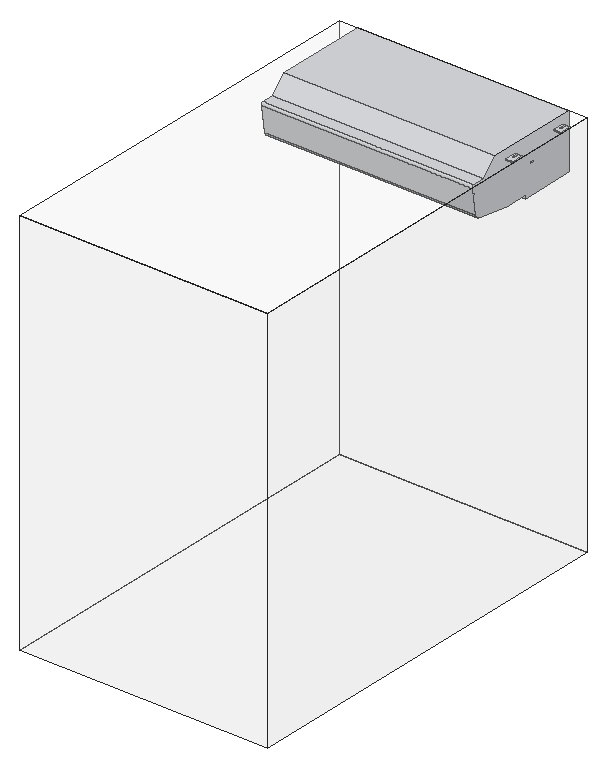
Revit family "pc-rp80_140ha17_50Hz", category 機械設備, Revit 2019
Family settings
  丸型コネクタ寸法 = 直径を使用
  パーツ タイプ = 標準
  OmniClass 番号 = 23.75.10.24.21.27.27
  OmniClass タイトル = Split System Air Conditioning Units
  作業面ベース = いいえ
  常に垂直 = はい
  ロード時にボイドで切り取り = いいえ
  共有 = いいえ
  部屋計算ポイント = はい
Parameters (values of type "厨房天吊_PC-RP80HA17")
  風量_強 (m3/min) = 17
  風量_弱 (m3/min) = 15
  風量 = MAX風量  # 1020.0 m³/h
  音響パワーレベル（弱）(dB) = 55
  音響パワーレベル(dB) = 57
  電源種別 = ""
  電源_H = 0 mm
  電圧_電気ヒーター = 0 V
  電圧 = 200 V
  電動機出力_送風機 = 0.04 kW
  運転質量 = 0.00 kg
  連動 = ""
  質量 = if(製品質量 > 運転質量, 製品質量, 運転質量) * 1.2  # 50.40 kg
  負荷分類 = 3_ファン類
  構成品番 = "PC-RP80HA17"
  冷媒液管位置 = 175 mm
  冷媒ガス管位置 = 197 mm
  ドレン管径 (外径) = 32 mm
  MIN風量 = [風量_弱 (m3/min)] * 60.0 m³/h  # 900.0 m³/h
  MAX風量 = [風量_強 (m3/min)] * 60.0 m³/h  # 1020.0 m³/h
  サービススペース = yes
  ケーブルサイズ = 0 mm
  Version = ""
  URL = "https://www.mitsubishielectric.co.jp/ldg/wink/ssl/displayProduct.do?pid=311481"
  Line = not(Width = 1136 mm)  # no
  説明 = "店舗・事務所用パッケージエアコン(Mr.SLIM) 厨房用(天吊形)"
  設計暖房能力 = 0.00 kW
  設計冷房能力_顕熱 = 0 kW
  設計冷房能力 = 0 kW
  設置方法 = "天井吊形"
  記号 = ""
  製造元 = "三菱電機株式会社"
  製品質量 = 42.00 kg
  製品出荷対象 = "国内"
  製品リリース年月 = "2021/05/10"
  製品グループ = ""
  系統 = ""
  符号 = "PAC_CRK"
  積算_科目 = "1 空気調和設備"
  積算_拾い区分 [instance] = ""
  相 = 1
  盤記号 = ""
  発停方法 = "付属スイッチ"
  特殊仕様 = ""
  火災停止 = ""
  消費電力_電気ヒーター = 0.00 kW
  消費電力_暖房 = 0.13 kW
  消費電力_加湿器 = 0.00 kW
  消費電力_冷房 = 0.13 kW
  消費電力 = if(消費電力_冷房 > 消費電力_暖房, 消費電力_冷房, 消費電力_暖房) + 消費電力_加湿器 + 消費電力_電気ヒーター  # 0.13 kW
  法定耐用年数 = "6"
  極数 = 1
  材質 = ""
  本体マテリアル = none
  有効加湿量 = 0
  暖房能力 = 8.00 kW
  推奨ブレーカー容量 = 0 A
  形式_加湿器 = ""
  形式 = "厨房用天井吊（露出）形"
  幹線記号 = ""
  始動方式 = "直入"
  呼称 = "室内機_厨房用天井吊（露出）形"
  周波数 = 50 Hz
  吊り位置Y = 320 mm
  吊り位置X = 1180 mm
  吊りボルト_H = 43 mm
  台数_手元リモコン = ""
  台数_冷媒分岐ユニット = ""
  参照している仕様書等のバージョン = "公共建築工事標準仕様書（機械設備工事編）平成31年度版"
  加湿給水管径 = 0.00 mm
  分類コード = "50053003123100"
  分類グループ = ""
  冷房能力 = 7.1 kW
  冷媒高低圧ガス管径 = 0.00 mm
  冷媒管径符号 = "Bd"
  冷媒管径 = 100.00 mm
  冷媒液管高さ = 165 mm
  冷媒液管径 = 9.52 mm
  冷媒ガス管高さ = 165 mm
  冷媒ガス管径 = 15.88 mm
  企業コード = "108420"
  付属品_フィルター = ""
  付属品 = ""
  仕様書バージョン = "Version1.0"
  Model = ""
  パネルマテリアル = none
  ドレン管高さ = 254 mm
  ドレン管径 = 25.00 mm
  コメント [instance] = ""
  ケーブル種類 = ""
  Width = 1136 mm
  Uniclass2015Version = "Systems v1.9"
  Uniclass2015Title = "Split coil remote air cooled condensing units"
  Uniclass2015Code = "Pr_70_65_03_84"
  SpecificationReference = ""
  SpecificationDescription = ""
  S_H = 295 mm
  Revision = ""
  ProductInformation = ""
  OmniClassCode = "23-33 17 13 11"
  IfcTypeProduct = ""
  IfcProduct = ""
  IfcExportType = "AIRCONDITIONINGUNIT"
  IfcExportAs = "IfcUnitaryEquipmentType"
  Height = 280 mm
  Depth = 650 mm
  価格 = 470000
  Clearance Top = 2 mm
  Clearance Right = 100 mm
  Clearance Left = 100 mm
  Clearance Front = 1500 mm
  Clearance Bottom = 1800 mm
  Clearance Back = 0 mm
  Author = "三菱電機株式会社"
Types (2, lengths in mm): name | 風量_強 (m3/min) | 風量_弱 (m3/min) | 風量 | 音響パワーレベル（弱）(dB) | 音響パワーレベル(dB) | 電動機出力_送風機 | 質量 | 構成品番 | MIN風量 | MAX風量 | URL | Line | 製品質量 | 消費電力_暖房 | 消費電力_冷房 | 消費電力 | 暖房能力 | 吊り位置X | 冷房能力 | Width | 価格
  厨房天吊_PC-RP140HA17 | 38 | 28 | 2280.0 m³/h | 61 | 68 | 0.16 kW | 67.20 kg | "PC-RP140HA17" | 1680.0 m³/h | 2280.0 m³/h | "https://www.mitsubishielectric.co.jp/ldg/wink/ssl/displayProduct.do?pid=311482" | yes | 56.00 kg | 0.30 kW | 0.30 kW | 0.30 kW | 14.00 kW | 1564 | 12.5 kW | 1520 | 580000
  厨房天吊_PC-RP80HA17 | 17 | 15 | 1020.0 m³/h | 55 | 57 | 0.04 kW | 50.40 kg | "PC-RP80HA17" | 900.0 m³/h | 1020.0 m³/h | "https://www.mitsubishielectric.co.jp/ldg/wink/ssl/displayProduct.do?pid=311481" | no | 42.00 kg | 0.13 kW | 0.13 kW | 0.13 kW | 8.00 kW | 1180 | 7.1 kW | 1136 | 470000
Reference planes
  plane 1 "中心(正面/背面)": y = 0
  plane 2: z = 0
  plane 3 "中心(左/右)": x = 0
  plane 4: x = 523
  plane 5: z = 3835
  plane 6: x = 438
  plane 7: z = 3835
  plane 8: x = 463
  plane 9: z = 3746
  plane 10: x = 668
  plane 11: x = 568
  plane 12: x = -668
  plane 13: x = -568
  plane 14: y = -650
  plane 15: z = -280
  plane 16: y = -2150
  plane 17: x = -590
  plane 18: x = 590
  plane 19: z = -2095
  plane 20: z = -295
  plane 21: x = 558.3
  plane 22: y = -80
  plane 23: y = -400
  plane 24: y = -325
  plane 25: y = -197
  plane 26: y = -175
  plane 27: y = -70
  plane 28: z = -43
  plane 29: z = -165
  plane 30: z = -254
  plane 31: x = 523
  plane 32: x = 438
  plane 33: x = 463
  plane 34: x = 463
  plane 35: z = 3746
  plane 36: z = 2
  plane 37: z = -95
  plane 38: z = -165
Forms (mm)
  Extrusion 1, solid
    sketch origin (0, -325, -4000) x (0, 1, 0) y (0, 0, 1)
      loop
        line (325, 4000) -> (-171.734, 4000) -> (-246.938, 3924.796) -> (-313.202, 3924.796)
        arc (-313.202, 3924.796) -> (-322.395, 3920.509) -> (-325.02, 3910.712) r 12
        line (-325.02, 3910.712) -> (-299.97, 3768.648)
        arc (-299.97, 3768.648) -> (-294.972, 3759.046) -> (-285.369, 3754.047) r 18
        line (-285.369, 3754.047) -> (-92.277, 3720) -> (35.069, 3720) -> (35.069, 3705) -> (325, 3705) -> (325, 4000)
    from -568 to 568
  Extrusion 2, solid, detail levels fine
    sketch origin (0, 0, 0) x (0, 0, -1) y (-1, 0, 0)
      loop
        circle (165.005, -523) r 7.94
    from -325 to -197
  Extrusion 3, solid, detail levels fine
    sketch origin (0, 0, 0) x (0, 0, -1) y (-1, 0, 0)
      loop
        circle (165.005, -438) r 4.76
    from -175 to -325
  Extrusion 4, solid, detail levels fine
    sketch origin (0, 0, 0) x (0, 0, -1) y (-1, 0, 0)
      loop
        circle (254.005, -463) r 16
    from -70 to -325
  Extrusion 5, solid, detail levels fine
    sketch origin (0, 0, -4000) x (1, 0, 0) y (0, 1, 0)
      loop
        line (568, -370) -> (568, -430) -> (612, -430) -> (612, -370) -> (595, -370) -> (595, -400)
        arc (595, -400) -> (590, -405) -> (585, -400) r 5
        line (585, -400) -> (585, -370) -> (568, -370)
    from 3954.5 to 3959.5
  Extrusion 6, solid, detail levels fine
    sketch origin (0, 320, -4000) x (1, 0, 0) y (0, 1, 0)
      loop
        line (568, -370) -> (568, -430) -> (612, -430) -> (612, -370) -> (595, -370) -> (595, -400)
        arc (595, -400) -> (590, -405) -> (585, -400) r 5
        line (585, -400) -> (585, -370) -> (568, -370)
    from 3954.5 to 3959.5
  Extrusion 7, solid, detail levels fine
    sketch origin (-1180, 0, -4000) x (1, 0, 0) y (0, 1, 0)
      loop
        line (568, -370) -> (568, -430) -> (612, -430) -> (612, -370) -> (595, -370) -> (595, -400)
        arc (595, -400) -> (590, -405) -> (585, -400) r 5
        line (585, -400) -> (585, -370) -> (568, -370)
    from 3954.5 to 3959.5
  Extrusion 8, solid, detail levels fine
    sketch origin (-1180, 320, -4000) x (1, 0, 0) y (0, 1, 0)
      loop
        line (568, -370) -> (568, -430) -> (612, -430) -> (612, -370) -> (595, -370) -> (595, -400)
        arc (595, -400) -> (590, -405) -> (585, -400) r 5
        line (585, -400) -> (585, -370) -> (568, -370)
    from 3954.5 to 3959.5
  Extrusion 9, solid, detail levels fine
    sketch origin (-3.482, 0, 0) x (1, 0, 0) y (0, 0, 1)
      loop
        circle (483.982, -165) r 50
    from 0 to 5
  Extrusion 10, solid, detail levels fine
    sketch origin (0, 160, 0) x (0, 0, -1) y (-1, 0, 0)
      loop
        circle (254.005, -463) r 16
    from -160 to -165
Lines and regions (mm)
  model lines, detail levels fine
    curve 1: line (-493, -647.647, -102.744) -> (-493, -628.546, -211.073)
    curve 2: line (493, -647.647, -102.744) -> (493, -628.546, -211.073)
    curve 3: line (-493, -647.647, -102.744) -> (493, -647.647, -102.744)
    curve 4: line (493, -628.546, -211.073) -> (-493, -628.546, -211.073)
Dimensions and locks
  equal spacing: plane 13, plane 3 "中心(左/右)", plane 11
  "Width": plane 13 to plane 11
  "Clearance Right": plane 11 to plane 10
  "Clearance Left": plane 12 to plane 13
  "Depth": plane 14 to plane 1 "中心(正面/背面)"
  "Height": level to plane 15
  "Clearance Front": plane 16 to plane 14
  equal spacing: plane 17, plane 3 "中心(左/右)", plane 18
  "吊り位置X": plane 17 to plane 18
  "S_H": level to plane 20
  locked: plane 21 to plane 11 at 9.7
  locked: plane 22 to plane 1 "中心(正面/背面)" at 80
  "吊り位置Y": plane 22 to plane 23
  plane 27 to plane 1 "中心(正面/背面)" = 70 mm
  "冷媒液管位置": plane 26 to plane 1 "中心(正面/背面)"  (x2)
  "冷媒ガス管位置": plane 25 to plane 1 "中心(正面/背面)"  (x2)
  plane 24 to plane 25 = 128 mm
  plane 24 to plane 26 = 150 mm
  "Clearance Bottom": plane 20 to plane 19
  "吊りボルト_H": level to plane 28
  level to plane 29 = 165 mm
  level to plane 30 = 254 mm
  plane 31 to plane 11 = 45 mm
  plane 32 to plane 31 = 85 mm
  plane 33 to plane 11 = 105 mm
  "Clearance Back": plane 1 "中心(正面/背面)" to nested 1
  equal spacing: plane 32, Extrusion 9 sketch curve, plane 31
  "Clearance Top": plane 36 to plane 2
  "冷媒ガス管高さ": plane 2 to plane 29
  "冷媒液管高さ": Extrusion 1 to plane 38
  "冷媒液管径": diameter of Extrusion 3 sketch curve
  "冷媒ガス管径": diameter of Extrusion 2 sketch curve
  "ドレン管径 (外径)": diameter of Extrusion 4 sketch curve
  "ドレン管径 (外径)": diameter of Extrusion 10 sketch curve
  aligned and locked: level to plane 2
  aligned and locked: plane 11 to Extrusion 1
  aligned and locked: plane 13 to Extrusion 1
  aligned and locked: plane 12 to nested 1
  aligned and locked: nested 1 to plane 10
  aligned and locked: plane 17 to nested 2
  aligned and locked: nested 2 to plane 18
  aligned and locked: plane 20 to Extrusion 1
  aligned and locked: plane 19 to nested 1
  aligned and locked: plane 21 to nested 3
  aligned and locked: nested 1 to plane 16
  aligned and locked: plane 22 to nested 2
  aligned and locked: plane 23 to nested 2
  aligned and locked: plane 1 "中心(正面/背面)" to nested 1
  aligned and locked: plane 36 to nested 1
Automatic sketch dimensions
  Extrusion 1 sketch curve to level = 0 mm
  Extrusion 1 sketch curve to plane 15 = 0 mm
  Extrusion 1 sketch curve to plane 20 = 0 mm
  Extrusion 1 sketch curve to plane 1 "中心(正面/背面)" = 0 mm
  plane 24 to Extrusion 1 sketch curve = 35.069 mm
  Extrusion 1 sketch curve to plane 23 = 17.277 mm
  Extrusion 1 sketch curve to plane 23 = 96.734 mm
  Extrusion 1 sketch curve to plane 28 = 32.204 mm
  plane 14 to Extrusion 1 sketch curve = 78.062 mm
  plane 14 to Extrusion 1 sketch curve = 42.756 mm
  plane 30 to Extrusion 1 sketch curve = 8.047 mm
  Extrusion 1 sketch curve to Extrusion 1 sketch curve = 3.126 mm
  Extrusion 1 sketch curve to Extrusion 1 sketch curve = 17.727 mm
  plane 14 to Extrusion 1 sketch curve = 11.798 mm
  Extrusion 1 sketch curve to plane 14 = 0.02 mm
  Extrusion 1 sketch curve to Extrusion 1 sketch curve = 14.601 mm
  Extrusion 1 sketch curve to Extrusion 1 sketch curve = 14.084 mm
  Extrusion 1 to curve 3 = 13.664 mm
  curve 2 to Extrusion 1 = 20.591 mm
  Extrusion 1 to curve 1 = 75 mm
  Extrusion 1 to curve 3 = 75 mm
  Extrusion 5 sketch curve to plane 11 = 0 mm
  Extrusion 5 sketch curve to plane 23 = 0 mm
  Extrusion 5 sketch curve to plane 18 = 0 mm
  Extrusion 5 sketch curve to Extrusion 5 sketch curve = 5 mm
  Extrusion 5 sketch curve to plane 18 = 22 mm
  Extrusion 5 sketch curve to plane 23 = 30 mm
  plane 23 to Extrusion 5 sketch curve = 30 mm
  Extrusion 5 sketch curve to Extrusion 5 sketch curve = 0 mm
  Extrusion 6 sketch curve to plane 11 = 0 mm
  Extrusion 6 sketch curve to plane 22 = 0 mm
  Extrusion 6 sketch curve to plane 18 = 0 mm
  Extrusion 6 sketch curve to Extrusion 6 sketch curve = 5 mm
  Extrusion 6 sketch curve to plane 18 = 22 mm
  Extrusion 6 sketch curve to plane 22 = 30 mm
  plane 27 to Extrusion 6 sketch curve = 20 mm
  Extrusion 6 sketch curve to Extrusion 6 sketch curve = 0 mm
  Extrusion 7 sketch curve to plane 23 = 0 mm
  Extrusion 7 sketch curve to plane 17 = 0 mm
  Extrusion 7 sketch curve to plane 13 = 0 mm
  Extrusion 7 sketch curve to plane 17 = 5 mm
  Extrusion 7 sketch curve to plane 17 = 22 mm
  Extrusion 7 sketch curve to plane 23 = 30 mm
  plane 23 to Extrusion 7 sketch curve = 30 mm
  Extrusion 7 sketch curve to Extrusion 7 sketch curve = 0 mm
  Extrusion 8 sketch curve to plane 22 = 0 mm
  Extrusion 8 sketch curve to plane 17 = 0 mm
  Extrusion 8 sketch curve to plane 13 = 0 mm
  Extrusion 8 sketch curve to plane 17 = 5 mm
  Extrusion 8 sketch curve to plane 17 = 22 mm
  Extrusion 8 sketch curve to plane 22 = 30 mm
  plane 27 to Extrusion 8 sketch curve = 20 mm
  Extrusion 8 sketch curve to Extrusion 8 sketch curve = 0 mm
  Extrusion 9 sketch curve to plane 29 = 0 mm
  Extrusion 1 to Extrusion 2 sketch curve = 45 mm
  Extrusion 2 sketch curve to Extrusion 1 = 129.995 mm
  Extrusion 3 sketch curve to Extrusion 1 = 129.995 mm
  Extrusion 1 to Extrusion 3 sketch curve = 130 mm
  Extrusion 4 sketch curve to Extrusion 1 = 40.995 mm
  Extrusion 1 to Extrusion 4 sketch curve = 105 mm
  plane 33 to Extrusion 10 sketch curve = 0 mm
  Extrusion 10 sketch curve to plane 30 = 0.005 mm
  radius of Extrusion 9 sketch curve = 50 mm
Nested families
  nested 1: "サービススペース" at (0, -1075, -1046.5), visible <- "サービススペース", type "サービススペース"
    with Width 1336 mm, Height 2097 mm, Depth 2150 mm
  nested 2: "固定点" at (-590, -400, 0), type "固定点"
    with W 1180 mm, D 320 mm
  nested 3: "吸込口" at (-192, 0, -4000), Width <- "Width", type "吸込口"
    with Width 1136 mm, Line no
Connectors
  piping at (480.5, 0, -165), diameter 100, driven by "冷媒管径", driven by "冷媒管径符号"
    settings: on Extrusion 9, index 1, connector inside diameter 609.60 mm, connector length 0 mm, flow factor 0, pipe flow 0.0 L/s, pressure drop 0.0 Pa, fitting loss kfactor 0, connector angle 0.00°, fixture units 0, engagement length 0 mm, angle of deflection 0.00°, flow configuration 1, flow direction 1, fitting loss method 4, system type 7, joint type 0, gender type 0, connector reference index -1, connector utility 0, adjustable connector no, is connector primary yes, connector description "Bd"
  piping at (463, 0, -254.005), diameter 32, driven by "ドレン管径 (外径)"
    settings: on Extrusion 10, index 2, connector inside diameter 609.60 mm, connector length 0 mm, flow factor 0, pipe flow 0.0 L/s, pressure drop 0.0 Pa, fitting loss kfactor 0, connector angle 0.00°, fixture units 0, engagement length 0 mm, angle of deflection 0.00°, flow configuration 1, flow direction 2, fitting loss method 4, system type 16, joint type 0, gender type 0, connector reference index -1, connector utility 0, adjustable connector no, is connector primary no, connector description ""
  electrical at (568, -417.216, -169.727), driven by "極数", driven by "負荷分類", driven by "電圧", driven by "消費電力"
    settings: on Extrusion 1, index 3, voltage 200 V, apparent load 130 VA, apparent load phase1 0 VA, apparent load phase2 0 VA, apparent load phase3 0 VA, power factor 1, load classification "3_ファン類", number of poles 1, system type 30, power factor state 1, is connector primary yes, connector utility no, sub classification motor no, connector description ""
Definition of nested family "サービススペース"
  Parameters (values of type "サービススペース")
    Width [instance] = 500 mm
    Height [instance] = 500 mm
    Depth [instance] = 500 mm
  Reference planes
    plane 1 "中心(正面/背面)": y = 0
    plane 2: z = 0
    plane 3 "中心(左/右)": x = 0
    plane 4: y = -250
    plane 5: x = 250
    plane 6: y = 250
    plane 7: x = -250
    plane 8: z = 250
    plane 9: z = -250
  Forms (mm)
    Extrusion 1, solid
      sketch origin (-638.939, 0, 72.39) x (1, 0, 0) y (0, 1, 0)
        loop
          line (388.939, 250) -> (388.939, -250) -> (888.939, -250) -> (888.939, 250) -> (388.939, 250)
      from -322.39 to 177.61
  Lines and regions (mm)
    symbolic lines
      curve 1: line (-250, 0, 250) -> (250, 0, 250)
      curve 2: line (-250, 0, -250) -> (-250, 0, 250)
      curve 3: line (250, 0, -250) -> (-250, 0, -250)
      curve 4: line (250, 0, 250) -> (250, 0, -250)
      curve 5: line (0, -250, 250) -> (0, 250, 250)
      curve 6: line (0, -250, -250) -> (0, -250, 250)
      curve 7: line (0, 250, -250) -> (0, -250, -250)
      curve 8: line (0, 250, 250) -> (0, 250, -250)
      curve 9: line (-250, 250, 0) -> (250, 250, 0)
      curve 10: line (-250, -250, 0) -> (-250, 250, 0)
      curve 11: line (250, -250, 0) -> (-250, -250, 0)
      curve 12: line (250, 250, 0) -> (250, -250, 0)
  Dimensions and locks
    equal spacing: plane 7, plane 3 "中心(左/右)", plane 5
    equal spacing: plane 4, plane 1 "中心(正面/背面)", plane 6
    "Depth": plane 4 to plane 6
    "Width": plane 7 to plane 5
    equal spacing: plane 8, plane 2, plane 9
    "Height": plane 8 to plane 9
    aligned and locked: plane 9 to curve 3
    aligned and locked: plane 7 to curve 2
    aligned and locked: curve 4 to plane 5
    aligned and locked: plane 5 to Extrusion 1
    aligned and locked: Extrusion 1 to plane 7
    aligned and locked: Extrusion 1 to plane 9
    aligned and locked: plane 8 to Extrusion 1
    aligned and locked: plane 9 to curve 7
  Automatic sketch dimensions
    plane 4 to Extrusion 1 sketch curve = 0 mm
    Extrusion 1 sketch curve to plane 7 = 0 mm
    Extrusion 1 sketch curve to plane 5 = 0 mm
    plane 6 to Extrusion 1 sketch curve = 0 mm
    curve 2 to plane 8 = 0 mm
    plane 4 to curve 11 = 0 mm
    curve 11 to plane 7 = 0 mm
    curve 11 to plane 5 = 0 mm
    plane 6 to curve 10 = 0 mm
    curve 7 to plane 4 = 0 mm
    curve 7 to plane 6 = 0 mm
    curve 6 to plane 8 = 0 mm
Definition of nested family "固定点"
  Parameters (values of type "固定点")
    中心円 = 20 mm
    W [instance] = 1000 mm
    D [instance] = 1000 mm
  Reference planes
    plane 1 "中心(正面/背面)": y = 0
    plane 2: z = 0
    plane 3 "中心(左/右)": x = 0
    plane 4: x = 1000
    plane 5: y = 1000
  Lines and regions (mm)
    symbolic lines, detail levels fine
      curve 1: circle (0, 1000, 0) r 10 normal (0, 0, 1)
      curve 2: circle (0, 0, 0) r 10 normal (0, 0, 1)
      curve 3: circle (1000, 1000, 0) r 10 normal (0, 0, 1)
      curve 4: circle (1000, 0, 0) r 10 normal (0, 0, 1)
      curve 5: line (-200, 1000, 0) -> (1200, 1000, 0)
      curve 6: line (-200, 0, 0) -> (1200, 0, 0)
      curve 7: line (0, 1200, 0) -> (0, -200, 0)
      curve 8: line (1000, 1200, 0) -> (1000, -200, 0)
  Dimensions and locks
    "W": plane 3 "中心(左/右)" to plane 4
    "D": plane 1 "中心(正面/背面)" to plane 5
    "中心円": diameter of curve 1
    "中心円": diameter of curve 2
    "中心円": diameter of curve 3
    "中心円": diameter of curve 4
    aligned and locked: level to plane 2
    aligned and locked: plane 5 to curve 1
    aligned and locked: plane 3 "中心(左/右)" to curve 1
    aligned and locked: plane 3 "中心(左/右)" to curve 2
    aligned and locked: plane 1 "中心(正面/背面)" to curve 2
    aligned and locked: plane 4 to curve 3
    aligned and locked: plane 5 to curve 3
    aligned and locked: plane 1 "中心(正面/背面)" to curve 4
    aligned and locked: plane 4 to curve 4
    aligned and locked: plane 1 "中心(正面/背面)" to curve 6
    aligned and locked: curve 7 to plane 3 "中心(左/右)"
    aligned and locked: curve 8 to plane 4
  Automatic sketch dimensions
    curve 5 to plane 5 = 0 mm
    curve 6 to plane 3 "中心(左/右)" = 200 mm
    curve 5 to plane 3 "中心(左/右)" = 200 mm
    curve 4 to curve 6 = 200 mm
    curve 3 to curve 5 = 200 mm
    plane 1 "中心(正面/背面)" to curve 8 = 200 mm
    plane 1 "中心(正面/背面)" to curve 7 = 200 mm
    curve 3 to curve 8 = 200 mm
    curve 1 to curve 7 = 200 mm
Definition of nested family "吸込口"
  Parameters (values of type "吸込口")
    Width [instance] = 1136 mm
    Line [instance] = not(Width = 1136 mm)  # no
  Reference planes
    plane 1 "Center (Front/Back)": y = 0
    plane 2: z = 0
    plane 3 "Center (Left/Right)": x = 0
  Lines and regions (mm)
    model lines, visible <- "Line", detail levels fine
      curve 1: line (-376.3, -289.931, 3705) -> (-376.3, 0, 3705)
      curve 12: line (-391.3, 0, 3705) -> (-391.3, -289.931, 3705)
      curve 13: line (-750.3, -274.931, 3705) -> (-750.3, -15, 3705)
      curve 14: line (-401.3, -15, 3705) -> (-401.3, -274.931, 3705)
      curve 15: line (-750.3, -15, 3705) -> (-401.3, -15, 3705)
      curve 16: line (-401.3, -274.931, 3705) -> (-750.3, -274.931, 3705)
      curve 17: line (-750.3, -54.429, 3705) -> (-595.903, -274.931, 3705)
      curve 18: line (-401.3, -55, 3705) -> (-555.297, -274.931, 3705)
      curve 19: line (-750.3, -235.571, 3705) -> (-595.854, -15, 3705)
      curve 20: line (-401.3, -235, 3705) -> (-555.346, -15, 3705)
      curve 21: line (-750.3, -274.931, 3705) -> (-750.3, -15, 3705)
      curve 40: line (750.3, -274.931, 3705) -> (750.3, -15, 3705)
    model lines, detail levels fine
      curve 2: line (-7.7, 0, 3705) -> (-7.7, -289.931, 3705)
      curve 3: line (-366.3, -274.931, 3705) -> (-366.3, -15, 3705)
      curve 4: line (-17.7, -15, 3705) -> (-17.7, -274.931, 3705)
      curve 5: line (-366.3, -15, 3705) -> (-17.7, -15, 3705)
      curve 6: line (-17.7, -274.931, 3705) -> (-366.3, -274.931, 3705)
      curve 7: line (-366.3, -55, 3705) -> (-212.303, -274.931, 3705)
      curve 8: line (-17.7, -55, 3705) -> (-171.697, -274.931, 3705)
      curve 9: line (-366.3, -235, 3705) -> (-212.254, -15, 3705)
      curve 10: line (-17.7, -235, 3705) -> (-171.746, -15, 3705)
      curve 11: line (7.3, -289.931, 3705) -> (7.3, 0, 3705)
      curve 22: line (376.3, -289.931, 3705) -> (376.3, 0, 3705)
      curve 23: line (366.3, -274.931, 3705) -> (366.3, -15, 3705)
      curve 24: line (17.7, -15, 3705) -> (17.7, -274.931, 3705)
      curve 25: line (366.3, -15, 3705) -> (17.7, -15, 3705)
      curve 26: line (17.7, -274.931, 3705) -> (366.3, -274.931, 3705)
      curve 27: line (366.3, -55, 3705) -> (212.303, -274.931, 3705)
      curve 28: line (17.7, -55, 3705) -> (171.697, -274.931, 3705)
      curve 29: line (366.3, -235, 3705) -> (212.254, -15, 3705)
      curve 30: line (17.7, -235, 3705) -> (171.746, -15, 3705)
      curve 31: line (391.3, 0, 3705) -> (391.3, -289.931, 3705)
      curve 32: line (750.3, -274.931, 3705) -> (750.3, -15, 3705)
      curve 33: line (401.3, -15, 3705) -> (401.3, -274.931, 3705)
      curve 34: line (750.3, -15, 3705) -> (401.3, -15, 3705)
      curve 35: line (401.3, -274.931, 3705) -> (750.3, -274.931, 3705)
      curve 36: line (750.3, -54.429, 3705) -> (595.903, -274.931, 3705)
      curve 37: line (401.3, -55, 3705) -> (555.297, -274.931, 3705)
      curve 38: line (750.3, -235.571, 3705) -> (595.854, -15, 3705)
      curve 39: line (401.3, -235, 3705) -> (555.346, -15, 3705)
  Dimensions and locks
    aligned and locked: level to plane 2
